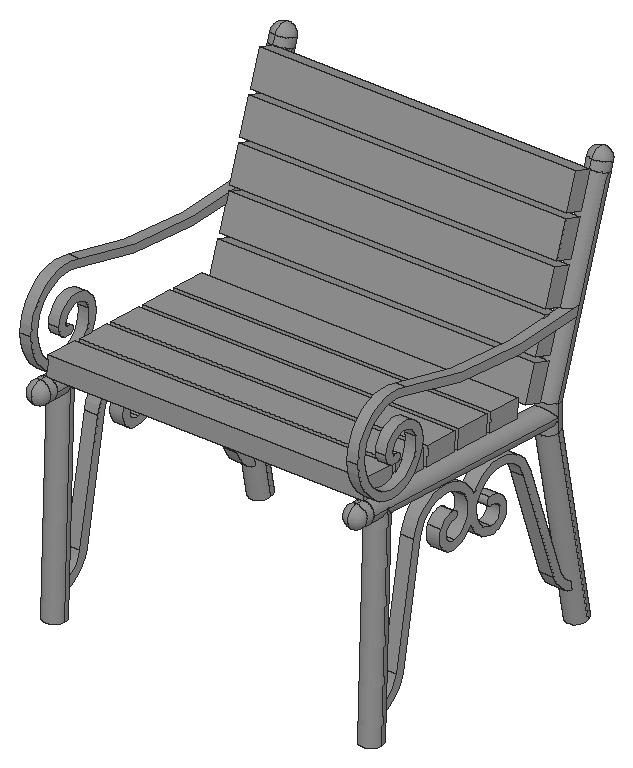
Revit family "Скамейка стальная «Узоры» Арт 8320", category Антураж, Revit 2018
Family settings
  На основе рабочей плоскости = Нет
  Всегда вертикально = Да
  При загрузке вырезать с полостями = Нет
  Источник визуального образа = Геометрия семейства
  Общий = Нет
  Точка расчета площади = Нет
Parameters (values of type "Версия 0,6 м (кресло)")
  Ширина = 622 mm  # constant formula
  Цвет опор = Сталь
  Цвет лавки = Дерево
  Средняя опора = or([Версия 2,0 м (3 опоры)], [Версия 3,0 м (3 опоры)])  # no
  Описание = if([Версия 0,6 м (кресло)], "Скамейка стальная «Узоры». Версия 0,6 м Кресло", if([Версия 1,2 м], "Скамейка стальная «Узоры». Версия 1,2 м", if([Версия 1,5 м], "Скамейка стальная «Узоры». Версия 1,5 м", if([Версия 1,8 м], "Скамейка стальная «Узоры». Версия 1,8 м", if([Версия 2,0 м], "Скамейка стальная «Узоры». Версия 2,0 м", if([Версия 2,0 м (3 опоры)], "Скамейка стальная «Узоры». Версия 2,0 м (3 опоры)", "Скамейка стальная «Узоры». Версия 3,0 м (3 опоры)"))))))  # "Скамейка стальная «Узоры». Версия 0,6 м Кресло"
  Материал изделия = "Сталь, дерево"  # constant formula
  Изображение типоразмера = Скамейка стальная «Узоры» Арт 8320 кресло.jpg
  Изготовитель = "ООО «Хоббика»"  # constant formula
  Длина = if([Версия 0,6 м (кресло)], 600 mm, if([Версия 1,2 м], 1200 mm, if([Версия 1,5 м], 1500 mm, if([Версия 1,8 м], 1800 mm, if([Версия 2,0 м], 2000 mm, if([Версия 2,0 м (3 опоры)], 2000 mm, 3000 mm))))))  # 600 mm
  Группа модели = "Садовые скамейки"  # constant formula
  Высота = 773 mm  # constant formula
  Версия 3,0 м (3 опоры) = no
  Версия 2,0 м (3 опоры) = no
  Версия 2,0 м = no
  Версия 1,8 м = no
  Версия 1,5 м = no
  Версия 1,2 м = no
  Версия 0,6 м (кресло) = yes
  Артикул товара = "Арт. 8320"  # constant formula
  URL = "https://hobbyka.ru/product/skameyka_kovanaya_uzory/"
Types (8, lengths in mm): name | Средняя опора | Описание | Изображение типоразмера | Длина | Версия 3,0 м (3 опоры) | Версия 2,0 м (3 опоры) | Версия 2,0 м | Версия 1,8 м | Версия 1,5 м | Версия 1,2 м | Версия 0,6 м (кресло)
  (no name) | no | "Скамейка стальная «Узоры». Версия 0,6 м Кресло" | Скамейка стальная «Узоры» Арт 8320 кресло.jpg | 600 | no | no | no | no | no | no | yes
  Версия 0,6 м (кресло) | no | "Скамейка стальная «Узоры». Версия 0,6 м Кресло" | Скамейка стальная «Узоры» Арт 8320 кресло.jpg | 600 | no | no | no | no | no | no | yes
  Версия 1,2 м | no | "Скамейка стальная «Узоры». Версия 1,2 м" | Скамейка стальная «Узоры» Арт 8320 2 опоры.jpg | 1200 | no | no | no | no | no | yes | no
  Версия 1,5 м | no | "Скамейка стальная «Узоры». Версия 1,5 м" | Скамейка стальная «Узоры» Арт 8320 2 опоры.jpg | 1500 | no | no | no | no | yes | no | no
  Версия 1,8 м | no | "Скамейка стальная «Узоры». Версия 1,8 м" | Скамейка стальная «Узоры» Арт 8320 2 опоры.jpg | 1800 | no | no | no | yes | no | no | no
  Версия 2,0 м | no | "Скамейка стальная «Узоры». Версия 2,0 м" | Скамейка стальная «Узоры» Арт 8320 2 опоры.jpg | 2000 | no | no | yes | no | no | no | no
  Версия 2,0 м (3 опоры) | yes | "Скамейка стальная «Узоры». Версия 2,0 м (3 опоры)" | Скамейка стальная «Узоры» Арт 8320 3 опоры.jpg | 2000 | no | yes | no | no | no | no | no
  Версия 3,0 м (3 опоры) | yes | "Скамейка стальная «Узоры». Версия 3,0 м (3 опоры)" | Скамейка стальная «Узоры» Арт 8320 3 опоры.jpg | 3000 | yes | no | no | no | no | no | no
Reference planes
  plane 1 "По центру (Вперед/Назад)": y = 0
  plane 2: z = 0
  plane 3 "По центру (Влево/Вправо)": x = 0
  plane 4: x = 600
  plane 5: y = 622
  plane 6: z = 773
Forms (mm)
  Extrusion 1, solid, material "Дерево" <- "Цвет лавки"
    sketch origin (0, 0, 0) x (0, 1, 0) y (0, 0, 1)
      loop
        line (574.687, 745.641) -> (541.592, 757.032) -> (520.438, 695.571) -> (553.533, 684.18) -> (574.687, 745.641)
      loop
        line (550.279, 674.724) -> (517.184, 686.115) -> (496.03, 624.653) -> (529.125, 613.263) -> (550.279, 674.724)
      loop
        line (525.87, 603.807) -> (492.776, 615.198) -> (471.622, 553.736) -> (504.716, 542.346) -> (525.87, 603.807)
      loop
        line (501.462, 532.89) -> (468.367, 544.281) -> (447.213, 482.819) -> (480.308, 471.429) -> (501.462, 532.89)
      loop
        line (477.054, 461.973) -> (443.959, 473.364) -> (422.805, 411.902) -> (455.9, 400.512) -> (477.054, 461.973)
      loop
        line (402.542, 397.646) -> (404.533, 432.59) -> (339.638, 436.287) -> (337.647, 401.344) -> (402.542, 397.646)
      loop
        line (327.663, 401.913) -> (329.654, 436.856) -> (264.759, 440.554) -> (262.768, 405.61) -> (327.663, 401.913)
      loop
        line (252.785, 406.179) -> (254.776, 441.123) -> (189.881, 444.82) -> (187.89, 409.877) -> (252.785, 406.179)
      loop
        line (177.906, 410.446) -> (179.897, 445.389) -> (115.002, 449.087) -> (113.011, 414.143) -> (177.906, 410.446)
      loop
        line (103.028, 414.712) -> (105.019, 449.655) -> (40.124, 453.353) -> (38.133, 418.41) -> (103.028, 414.712)
    from 0 to 600
Dimensions and locks
  "Длина": plane 3 "По центру (Влево/Вправо)" to plane 4
  "Ширина": plane 5 to plane 1 "По центру (Вперед/Назад)"
  equal spacing: plane 3 "По центру (Влево/Вправо)", nested 3, plane 4
  "Высота": plane 6 to plane 2
  aligned and locked: level to plane 2
  aligned and locked: plane 3 "По центру (Влево/Вправо)" to nested 1
  aligned and locked: plane 4 to nested 2
  aligned and locked: plane 4 to Extrusion 1
Automatic sketch dimensions
  Extrusion 1 sketch curve to plane 1 "По центру (Вперед/Назад)" = 38.133 mm
  Extrusion 1 sketch curve to Extrusion 1 sketch curve = 1.991 mm
  Extrusion 1 sketch curve to Extrusion 1 sketch curve = 64.895 mm  (x5)
  Extrusion 1 sketch curve to Extrusion 1 sketch curve = 9.984 mm  (x8)
  Extrusion 1 sketch curve to Extrusion 1 sketch curve = 20.263 mm
  Extrusion 1 sketch curve to Extrusion 1 sketch curve = 39.426 mm
  Extrusion 1 sketch curve to Extrusion 1 sketch curve = 3.254 mm  (x8)
  Extrusion 1 sketch curve to Extrusion 1 sketch curve = 33.095 mm
  Extrusion 1 sketch curve to Extrusion 1 sketch curve = 21.154 mm  (x4)
  level to Extrusion 1 sketch curve = 397.646 mm
  Extrusion 1 sketch curve to Extrusion 1 sketch curve = 2.865 mm
  Extrusion 1 sketch curve to Extrusion 1 sketch curve = 3.698 mm  (x5)
  Extrusion 1 sketch curve to Extrusion 1 sketch curve = 0.569 mm  (x4)
  Extrusion 1 sketch curve to Extrusion 1 sketch curve = 14.256 mm
  Extrusion 1 sketch curve to Extrusion 1 sketch curve = 9.456 mm  (x8)
Nested families
  nested 1: "Скамейка стальная «Узоры» Арт 8320 опора" at (0, 0, 0), type "Скамейка стальная «Узоры» Арт 8320 опора"
    with Подлокотник yes
  nested 2: "Скамейка стальная «Узоры» Арт 8320 опора" at (600, 0, 0) x (-1, 0, 0) z (0, 0, 1), type "Скамейка стальная «Узоры» Арт 8320 опора"
    with Подлокотник yes
  nested 3: "Скамейка стальная «Узоры» Арт 8320 опора" at (300, 0, 0), visible <- "Средняя опора", type "Скамейка стальная «Узоры» Арт 8320 опора"
    with Подлокотник no
Definition of nested family "Скамейка стальная «Узоры» Арт 8320 опора"
  Parameters (values of type "Скамейка стальная «Узоры» Арт 8320 опора")
    Цвет опор = none
    Подлокотник [instance] = yes
    Height = 0 mm
  Reference planes
    plane 1 "По центру (Вперед/Назад)": y = 0
    plane 2: z = 0
    plane 3 "По центру (Влево/Вправо)": x = 0
    plane 4: y = 622
    plane 5: z = 773
  Forms (mm)
    Sweep 1, solid, material <- "Цвет опор"
      path origin (0, 0, 0) x (0, 1, 0) y (0, 0, 1)
        loop
          line (593.487, 738.799) -> (476.282, 398.412) -> (476.282, 348.412) -> (544.007, 0)
      profile origin (0, 534.884, 568.606) x (0, 0.945519, -0.325568) y (1, 0, 0)
        loop
          circle (0, 0) r 20
    Sweep 2, solid, material <- "Цвет опор"
      path origin (0, 0, 0) x (0, 1, 0) y (0, 0, 1)
        loop
          line (476.283, 373.412) -> (37.517, 398.412)
      profile origin (0, 256.9, 385.912) x (0, -0.056886, -0.998381) y (1, 0, 0)
        loop
          circle (0, 0) r 19.963
    Sweep 3, solid, material <- "Цвет опор"
      path origin (0, 0, 0) x (0, 1, 0) y (0, 0, 1)
        loop
          line (70.172, 396.552) -> (56.324, 0)
      profile origin (0, 63.248, 198.276) x (0, 0.999391, -0.034899) y (1, 0, 0)
        loop
          circle (0, 0) r 20
    Revolve 4, solid, material <- "Цвет опор"
      sketch origin (0, 0, 0) x (0, 1, 0) y (0, 0, 1)
        loop
          line (579.841, 760.601) -> (574.576, 745.31) -> (593.487, 738.799) -> (605.263, 773)
          arc (605.263, 773) -> (589.984, 772.066) -> (579.841, 760.601) r 20
        axis (593.487, 738.799) -> (605.263, 773)
      angle from 0 to 360
    Revolve 5, solid, material <- "Цвет опор"
      sketch origin (0, 909.603, 27.579) x (0, -0.271255, 0.962508) y (0, -0.962508, -0.271255)
        loop
          line (579.841, 760.601) -> (574.576, 745.31) -> (593.487, 738.799) -> (605.263, 773)
          arc (605.263, 773) -> (589.984, 772.066) -> (579.841, 760.601) r 20
        axis (593.487, 738.799) -> (605.263, 773)
      angle from 0 to 360
    Extrusion 6, solid, material <- "Цвет опор", visible <- "Подлокотник"
      sketch origin (0, 0, 0) x (0, 1, 0) y (0, 0, 1)
        loop
          arc (526.07, 543.005) -> (317.707, 542.031) -> (113.9, 585.376) r 974.493
          arc (113.9, 585.376) -> (35.601, 572.962) -> (0, 502.129) r 86.856
          arc (0, 502.129) -> (14.525, 452.246) -> (52.992, 417.324) r 95.609
          arc (52.992, 417.324) -> (126.506, 424.747) -> (151.493, 494.281) r 69.264
          arc (151.493, 494.281) -> (106.541, 527.868) -> (66.7, 488.352) r 42.969
          arc (66.7, 488.352) -> (74.705, 470.173) -> (94.281, 466.804) r 20.994
          arc (94.281, 466.804) -> (99.019, 476.294) -> (89.529, 481.031) r 7.5
          arc (89.529, 481.031) -> (83.94, 481.993) -> (81.655, 487.183) r 5.994
          arc (81.655, 487.183) -> (107.587, 512.905) -> (136.847, 491.043) r 27.969
          arc (136.847, 491.043) -> (117.271, 436.567) -> (59.678, 430.751) r 54.264
          arc (59.678, 430.751) -> (27.245, 460.195) -> (14.999, 502.251) r 80.609
          arc (14.999, 502.251) -> (44.452, 560.851) -> (109.229, 571.122) r 71.856
          arc (109.229, 571.122) -> (312.636, 527.48) -> (520.673, 527.331) r 989.493
          line (520.673, 527.331) -> (526.07, 543.005)
      from -20 to 0
    Extrusion 7, solid, material <- "Цвет опор"
      sketch origin (0, 0, 0) x (0, 1, 0) y (0, 0, 1)
        loop
          arc (530.077, 71.661) -> (504.113, 83.467) -> (487.102, 106.361) r 57.085
          line (487.102, 106.361) -> (417.104, 309.647)
          arc (417.104, 309.647) -> (355.111, 359.399) -> (283.519, 324.86) r 74.478
          arc (283.519, 324.86) -> (279.409, 334.522) -> (273.586, 343.259) r 56.637
          arc (273.586, 343.259) -> (197.687, 368.654) -> (142.596, 310.599) r 74.478
          line (142.596, 310.599) -> (101.572, 99.55)
          arc (101.572, 99.55) -> (85.913, 72.478) -> (58.34, 57.719) r 57.085
          line (58.34, 57.719) -> (57.803, 42.355)
          arc (57.803, 42.355) -> (95.125, 60.546) -> (116.222, 96.306) r 72.085
          line (116.222, 96.306) -> (157.32, 307.737)
          arc (157.32, 307.737) -> (201.316, 354.1) -> (261.928, 333.819) r 59.478
          arc (261.928, 333.819) -> (269.17, 294.749) -> (240.347, 267.397) r 41.637
          arc (240.347, 267.397) -> (221.866, 273.402) -> (219.835, 292.727) r 17.839
          arc (219.835, 292.727) -> (226.542, 299.92) -> (236.041, 302.465) r 17.839
          arc (236.041, 302.465) -> (243.671, 309.833) -> (236.303, 317.463) r 7.5
          arc (236.303, 317.463) -> (218.816, 312.777) -> (206.47, 299.537) r 32.839
          arc (206.47, 299.537) -> (210.209, 263.962) -> (244.229, 252.908) r 32.839
          arc (244.229, 252.908) -> (263.139, 261.999) -> (277.442, 277.349) r 56.637
          arc (277.442, 277.349) -> (295.26, 250.973) -> (324.489, 238.373) r 56.637
          arc (324.489, 238.373) -> (356.64, 254.054) -> (355.391, 289.803) r 32.839
          arc (355.391, 289.803) -> (341.323, 301.196) -> (323.354, 303.402) r 32.839
          arc (323.354, 303.402) -> (317.12, 294.821) -> (325.701, 288.587) r 7.5
          arc (325.701, 288.587) -> (335.462, 287.389) -> (343.104, 281.2) r 17.839
          arc (343.104, 281.2) -> (343.782, 261.78) -> (326.317, 253.261) r 17.839
          arc (326.317, 253.261) -> (293.968, 276.336) -> (295.701, 316.033) r 41.637
          arc (295.701, 316.033) -> (352.901, 344.552) -> (402.922, 304.764) r 59.478
          line (402.922, 304.764) -> (473.045, 101.11)
          arc (473.045, 101.11) -> (496.757, 70.189) -> (533.097, 56.126) r 72.085
          line (533.097, 56.126) -> (530.077, 71.661)
      from -12.5 to 12.5
  Dimensions and locks
    aligned and locked: level to plane 2
